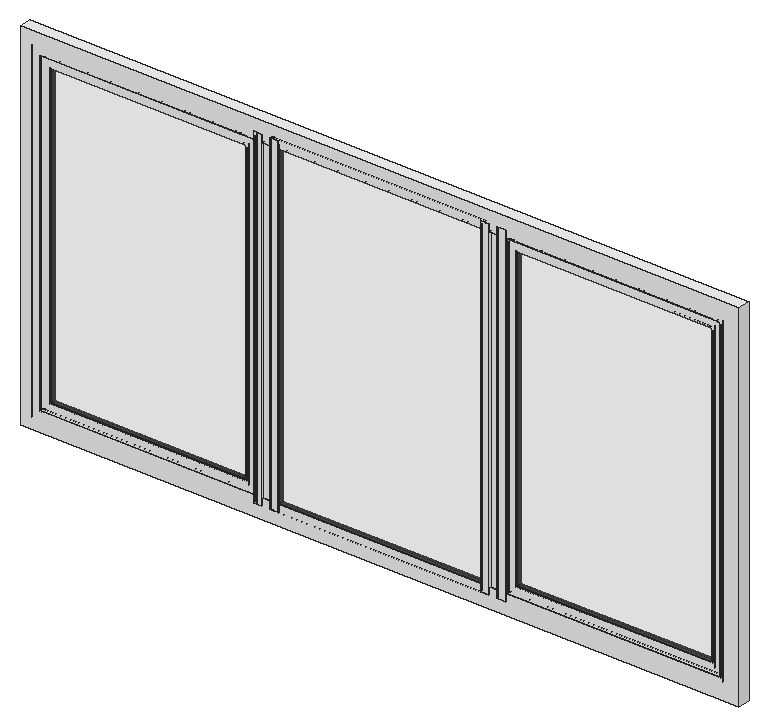
Revit family
Parameters (values of type "SHH1809")
  Height = 890 mm
  Head Height = 2125 mm
  Default Sill Height = Head Height - Height  # 1235 mm
  Wall Closure = (empty or 0)
  Width = 1790 mm
Types (7, lengths in mm): name | Height | Default Sill Height | Width
  (no name) | 890 | 1235 | 1790
  SHH1812 | 1190 | 935 | 1790
  SHH1809 | 890 | 1235 | 1790
  SHH2409 | 890 | 1235 | 2390
  SHH2109 | 890 | 1235 | 2090
  SHH2112 | 1190 | 935 | 2090
  SHH2412 | 1190 | 935 | 2390
Reference planes
  plane 1 "Center (Front/Back)": y = 0
  plane 2 "Center (Left/Right)": x = 0
  plane 3 "Left": x = -895
  plane 4 "Right": x = 895
  plane 5 "Sill": z = 1235
  plane 6 "Head": z = 2125
  plane 7 "Exterior": y = 100
  plane 8 "Interior": y = -100
  plane 9: y = -30.5
  plane 10: x = 300
  plane 11: x = -300
  plane 12: z = 1830
  plane 13: z = 1680
Forms (mm)
  Sweep 1, solid, material "Default Frame"
    path origin (0, 100, 0) x (1, 0, 0) y (0, 0, 1)
      loop
        line (895, 2125) -> (-895, 2125) -> (-895, 1235) -> (895, 1235) -> (895, 2125)
    profile origin (0, 100, 2125) x (0, 0, -1) y (0, -1, 0)
      loop
        line (0, 115.25) -> (0, 84.75) -> (30.58, 84.75) -> (30.58, 87.464) -> (28.08, 86.021) -> (28.08, 113.85) -> (39.575, 113.85) -> (39.575, 111.85) -> (46.275, 111.85)
        arc (46.275, 111.85) -> (46.875, 111.25) -> (47.475, 111.85) r 0.6
        line (47.475, 111.85) -> (47.475, 115.25) -> (0, 115.25)
  Sweep 2, solid, material "Default Frame"
    path origin (-2016.584, 100, 1819.513) x (0, 0, -1) y (1, 0, 0)
      loop
        line (553.933, 2325) -> (-274.907, 2325)
    profile origin (308.416, 100, 1680) x (-1, 0, 0) y (0, -1, 0)
      loop
        line (-5.864, 115.25) -> (-5.864, 111.85)
        arc (-5.864, 111.85) -> (-5.264, 111.25) -> (-4.664, 111.85) r 0.6
        line (-4.664, 111.85) -> (2.036, 111.85) -> (2.036, 113.85) -> (13.536, 113.85) -> (13.536, 86.026) -> (11.036, 87.47) -> (11.036, 84.75) -> (39.036, 84.75) -> (39.036, 87.47) -> (36.536, 86.026) -> (36.536, 113.85) -> (48.036, 113.85) -> (48.036, 111.85) -> (54.736, 111.85)
        arc (54.736, 111.85) -> (55.336, 111.25) -> (55.936, 111.85) r 0.6
        line (55.936, 111.85) -> (55.936, 115.25) -> (34.536, 115.25) -> (34.536, 111.07) -> (15.536, 111.07) -> (15.536, 115.25) -> (-5.864, 115.25)
  Extrusion 3, solid, material "Glass"
    sketch origin (0, 0.5, 49.432) x (-1, 0, 0) y (0, 0, -1)
      loop
        line (-322.64, -2019.688) -> (-322.64, -1241.408) -> (-839.12, -1241.408) -> (-839.12, -2019.688) -> (-322.64, -2019.688)
    from 0 to 3
  Sweep 4, solid, material "Rubber seal"
    path origin (61.34, -100, -61.34) x (-1, 0, 0) y (0, 0, 1)
      loop
        line (-244.08, 2147.68) -> (-795, 2147.68) -> (-795, 1335) -> (-244.08, 1335) -> (-244.08, 2147.68)
    profile origin (580.88, -100, 2086.34) x (0, 0, -1) y (0, 1, 0)
      loop
        line (30.038, 104.637) -> (23.669, 104.637) -> (23.669, 100.5) -> (34.175, 100.5) -> (30.038, 104.637)
      loop
        line (34.175, 97.5) -> (23.669, 97.5) -> (23.669, 92.75) -> (30.895, 92.75) -> (34.175, 97.5)
  Sweep 5, solid, material "Default Frame"
    path origin (789.08, -100, -50) x (1, 0, 0) y (0, 0, -1)
      loop
        line (55.92, -2125) -> (55.92, -1334.96) -> (-472.32, -1334.96) -> (-472.32, -2125) -> (55.92, -2125)
    profile origin (580.88, -100, 2075) x (0, 0, 1) y (0, 1, 0)
      loop
        line (-2.36, 95.735) -> (-1.858, 90.997)
        arc (-1.858, 90.997) -> (-1.541, 90.736) -> (-1.26, 91.035) r 0.3
        line (-1.26, 91.035) -> (-1.26, 117.263) -> (-3.26, 116.536) -> (-3.26, 118.735) -> (-4.719, 118.735) -> (-17.687, 105.637) -> (-17.687, 104.637) -> (-5.88, 104.637) -> (-5.88, 105.637) -> (-2.36, 105.637) -> (-2.36, 95.735)
  Sweep 6, solid, material "Default Frame"
    path origin (811.8, -100, -50) x (1, 0, 0) y (0, 0, -1)
      loop
        line (33.2, -2125) -> (33.2, -1335) -> (-495, -1335) -> (-495, -2125) -> (33.2, -2125)
    profile origin (580.9, -100, 2075) x (0, 0, 1) y (0, 1, 0)
      loop
        line (10.425, 88.75) -> (10.425, 91.464) -> (7.92, 90.018) -> (7.92, 117.85) -> (19.42, 117.85) -> (19.42, 115.85) -> (26.12, 115.85)
        arc (26.12, 115.85) -> (26.72, 115.25) -> (27.32, 115.85) r 0.6
        line (27.32, 115.85) -> (27.32, 119.25) -> (-3.26, 119.25) -> (-3.26, 116.536) -> (-0.76, 117.979) -> (-0.76, 90.15) -> (-12.255, 90.15) -> (-12.255, 92.15) -> (-18.955, 92.15)
        arc (-18.955, 92.15) -> (-19.555, 92.75) -> (-20.155, 92.15) r 0.6
        line (-20.155, 92.15) -> (-20.155, 88.75) -> (10.425, 88.75)
  Sweep 7, solid, material "Default Frame"
    path origin (62.14, -108.01, -50) x (-1, 0, 0) y (0, 0, 1)
      loop
        line (357.52, 2170.4) -> (-233.2, 2170.4) -> (-233.2, 1289.6) -> (357.52, 1289.6) -> (357.52, 2170.4)
    profile origin (-0.02, -108.01, 2120.4) x (0, 0, -1) y (0, 1, 0)
      loop
        line (25.06, 99.74) -> (25.06, 109.642) -> (28.58, 109.642) -> (28.58, 108.642) -> (40.387, 108.642) -> (40.387, 109.642) -> (27.419, 122.74) -> (25.96, 122.74) -> (25.96, 120.541) -> (23.96, 121.269) -> (23.96, 95.04)
        arc (23.96, 95.04) -> (24.241, 94.741) -> (24.558, 95.003) r 0.3
        line (24.558, 95.003) -> (25.06, 99.74)
  Extrusion 8, solid, material "Glass"
    sketch origin (378.196, -3.505, 0) x (1, 0, 0) y (0, 0, 1)
      loop
        line (-111.437, 2091.82) -> (-644.996, 2091.82) -> (-644.996, 1268.18) -> (-111.437, 1268.18) -> (-111.437, 2091.82)
    from 0 to 3
  Sweep 9, solid, material "Rubber seal"
    path origin (262.14, -108.01, -50) x (1, 0, 0) y (0, 0, -1)
      loop
        line (33.24, -2170.4) -> (33.24, -1289.6) -> (-557.52, -1289.6) -> (-557.52, -2170.4) -> (33.24, -2170.4)
    profile origin (0, -108.01, 2120.4) x (0, 0, 1) y (0, 1, 0)
      loop
        line (-41.398, 108.642) -> (-45.535, 104.505) -> (-35.029, 104.505) -> (-35.029, 108.642) -> (-41.398, 108.642)
      loop
        line (-45.535, 101.505) -> (-42.255, 96.755) -> (-35.029, 96.755) -> (-35.029, 101.505) -> (-45.535, 101.505)
  Sweep 10, solid, material "Default Frame"
    path origin (2016.584, 100, 1819.513) x (0, 0, -1) y (1, 0, 0)
      loop
        line (553.933, -2325) -> (-274.907, -2325)
    profile origin (-308.416, 100, 1680) x (-1, 0, 0) y (0, -1, 0)
      loop
        line (5.864, 115.25) -> (-15.536, 115.25) -> (-15.536, 111.07) -> (-34.536, 111.07) -> (-34.536, 115.25) -> (-55.936, 115.25) -> (-55.936, 111.85)
        arc (-55.936, 111.85) -> (-55.336, 111.25) -> (-54.736, 111.85) r 0.6
        line (-54.736, 111.85) -> (-48.036, 111.85) -> (-48.036, 113.85) -> (-36.536, 113.85) -> (-36.536, 86.026) -> (-39.036, 87.47) -> (-39.036, 84.75) -> (-11.036, 84.75) -> (-11.036, 87.47) -> (-13.536, 86.026) -> (-13.536, 113.85) -> (-2.036, 113.85) -> (-2.036, 111.85) -> (4.664, 111.85)
        arc (4.664, 111.85) -> (5.264, 111.25) -> (5.864, 111.85) r 0.6
        line (5.864, 111.85) -> (5.864, 115.25)
  Extrusion 11, solid, material "Glass"
    sketch origin (0, 0.5, 49.432) x (1, 0, 0) y (0, 0, 1)
      loop
        line (-322.64, 2019.688) -> (-839.12, 2019.688) -> (-839.12, 1241.408) -> (-322.64, 1241.408) -> (-322.64, 2019.688)
    from 0 to 3
  Sweep 12, solid, material "Rubber seal"
    path origin (-61.34, -100, -61.34) x (1, 0, 0) y (0, 0, -1)
      loop
        line (-244.08, -2147.68) -> (-244.08, -1335) -> (-795, -1335) -> (-795, -2147.68) -> (-244.08, -2147.68)
    profile origin (-580.88, -100, 2086.34) x (0, 0, 1) y (0, 1, 0)
      loop
        line (-30.038, 104.637) -> (-34.175, 100.5) -> (-23.669, 100.5) -> (-23.669, 104.637) -> (-30.038, 104.637)
      loop
        line (-34.175, 97.5) -> (-30.895, 92.75) -> (-23.669, 92.75) -> (-23.669, 97.5) -> (-34.175, 97.5)
  Sweep 13, solid, material "Default Frame"
    path origin (-811.8, -100, -50) x (-1, 0, 0) y (0, 0, 1)
      loop
        line (33.2, 2125) -> (-495, 2125) -> (-495, 1335) -> (33.2, 1335) -> (33.2, 2125)
    profile origin (-580.9, -100, 2075) x (0, 0, -1) y (0, 1, 0)
      loop
        line (-10.425, 88.75) -> (20.155, 88.75) -> (20.155, 92.15)
        arc (20.155, 92.15) -> (19.555, 92.75) -> (18.955, 92.15) r 0.6
        line (18.955, 92.15) -> (12.255, 92.15) -> (12.255, 90.15) -> (0.76, 90.15) -> (0.76, 117.979) -> (3.26, 116.536) -> (3.26, 119.25) -> (-27.32, 119.25) -> (-27.32, 115.85)
        arc (-27.32, 115.85) -> (-26.72, 115.25) -> (-26.12, 115.85) r 0.6
        line (-26.12, 115.85) -> (-19.42, 115.85) -> (-19.42, 117.85) -> (-7.92, 117.85) -> (-7.92, 90.018) -> (-10.425, 91.464) -> (-10.425, 88.75)
  Sweep 14, solid, material "Default Frame"
    path origin (-789.08, -100, -50) x (-1, 0, 0) y (0, 0, 1)
      loop
        line (55.92, 2125) -> (-472.32, 2125) -> (-472.32, 1334.96) -> (55.92, 1334.96) -> (55.92, 2125)
    profile origin (-580.88, -100, 2075) x (0, 0, -1) y (0, 1, 0)
      loop
        line (2.36, 95.735) -> (2.36, 105.637) -> (5.88, 105.637) -> (5.88, 104.637) -> (17.687, 104.637) -> (17.687, 105.637) -> (4.719, 118.735) -> (3.26, 118.735) -> (3.26, 116.536) -> (1.26, 117.263) -> (1.26, 91.035)
        arc (1.26, 91.035) -> (1.541, 90.736) -> (1.858, 90.997) r 0.3
        line (1.858, 90.997) -> (2.36, 95.735)
Lines and regions (mm)
  Opening 1
    outline origin (3500, -100, 0) x (1, 0, 0) y (0, 0, 1)
      loop
        line (-2605, 1235) -> (-2605, 2125) -> (-4395, 2125) -> (-4395, 1235) -> (-2605, 1235)
  symbolic lines, style "Elevation Swing"
    curve 1: line (872.32, 19.25, 2102.32) -> (289.48, 19.25, 1680)
    curve 2: line (872.355, 19.25, 1257.645) -> (289.48, 19.25, 1680)
    curve 3: line (-872.32, 19.25, 2102.32) -> (-289.48, 19.25, 1680)
    curve 4: line (-872.32, 19.25, 1257.679) -> (-289.48, 19.25, 1680)
Text (mm)
  text "EXTERIOR" at (-1963.203, 1332.353, 0), in view "Ref. Level"
  text "INTERIOR" at (-1981.466, -818.386, 0), in view "Ref. Level"
  text "Exterior" at (0, 923.751, 2943.296), in view "Right"
  text "Exterior" at (0, 1040.484, 2685.409), in view "Left"
Dimensions and locks
  equal spacing: plane 3 "Left", plane 2 "Center (Left/Right)", plane 4 "Right"
  "Width": plane 3 "Left" to plane 4 "Right"
  "Height": plane 5 "Sill" to plane 6 "Head"
  "Default Sill Height": plane 5 "Sill" to level
  locked: plane 7 "Exterior" to host wall at 0
  locked: plane 8 "Interior" to host wall
  plane 3 "Left" to plane 4 "Right" = 1790 mm
  Sweep 6 to Sweep 5 sketch curve = 27.32 mm
  locked: plane 10 to plane 4 "Right" at 595
  locked: plane 3 "Left" to plane 11 at 595
  Sweep 4 sketch curve to Sweep 6 = 15.98 mm
  Sweep 6 to Sweep 4 sketch curve = 15.94 mm
  plane 10 to Extrusion 3 = 22.64 mm
  plane 11 to Extrusion 8 = 33.2 mm
  Extrusion 8 to plane 10 = 33.24 mm
  equal spacing: plane 5 "Sill", plane 13, plane 6 "Head"
  locked: Sweep 6 to Sweep 5 sketch curve at 3.3
  locked: Sweep 5 sketch curve to Sweep 6 at 3.3
  Sweep 13 to Sweep 12 sketch curve = 15.98 mm
  Sweep 13 to Sweep 12 sketch curve = 15.94 mm
  Sweep 10 to Sweep 7 sketch curve = 26 mm
  Sweep 10 to Sweep 9 sketch curve = 26 mm
  aligned and locked: plane 13 to curve 1
  aligned and locked: Sweep 7 to Extrusion 8
  aligned and locked: plane 13 to curve 4
  aligned and locked: Sweep 13 to curve 3
  aligned and locked: curve 4 to Sweep 13
  aligned and locked: Sweep 13 to curve 4
Automatic sketch dimensions
  Opening 1 sketch curve to plane 3 "Left" = 0 mm
  Opening 1 sketch curve to plane 4 "Right" = 0 mm
  Opening 1 sketch curve to plane 5 "Sill" = 0 mm
  Opening 1 sketch curve to plane 6 "Head" = 0 mm
  Sweep 1 sketch curve to plane 3 "Left" = 0 mm
  Sweep 1 sketch curve to plane 4 "Right" = 0 mm
  Sweep 1 sketch curve to plane 5 "Sill" = 0 mm
  Sweep 1 sketch curve to plane 6 "Head" = 0 mm
  Sweep 1 sketch curve to profile plane = 0 mm
  Sweep 1 sketch curve to profile plane = 28.08 mm
  Sweep 1 sketch curve to Sweep 1 sketch curve = 2.5 mm
  Sweep 1 sketch curve to Sweep 1 sketch curve = 11.495 mm
  Sweep 1 sketch curve to Sweep 1 sketch curve = 6.7 mm
  Sweep 1 sketch curve to Sweep 1 sketch curve = 0.6 mm
  profile plane to Sweep 1 sketch curve = 84.75 mm
  Sweep 1 sketch curve to Sweep 1 sketch curve = 1.271 mm
  Sweep 1 sketch curve to Sweep 1 sketch curve = 2.714 mm
  Sweep 1 sketch curve to Sweep 1 sketch curve = 24.386 mm
  Sweep 1 sketch curve to Sweep 1 sketch curve = 2 mm
  Sweep 1 sketch curve to Sweep 1 sketch curve = 3.4 mm
  plane 10 to Sweep 2 sketch curve = 8.416 mm
  plane 6 "Head" to Sweep 2 sketch curve = 30.58 mm
  Sweep 2 sketch curve to plane 5 "Sill" = 30.58 mm
  profile plane to Sweep 2 sketch curve = 5.864 mm
  Sweep 2 sketch curve to Sweep 2 sketch curve = 0.6 mm  (x2)
  Sweep 2 sketch curve to profile plane = 2.036 mm
  Sweep 2 sketch curve to profile plane = 11.036 mm
  Sweep 2 sketch curve to Sweep 2 sketch curve = 2.5 mm  (x2)
  Sweep 2 sketch curve to Sweep 2 sketch curve = 2 mm  (x4)
  Sweep 2 sketch curve to Sweep 2 sketch curve = 19 mm
  Sweep 2 sketch curve to Sweep 2 sketch curve = 11.5 mm
  Sweep 2 sketch curve to Sweep 2 sketch curve = 6.7 mm
  profile plane to Sweep 2 sketch curve = 84.75 mm
  Sweep 2 sketch curve to Sweep 2 sketch curve = 1.276 mm  (x2)
  Sweep 2 sketch curve to Sweep 2 sketch curve = 2.72 mm  (x2)
  Sweep 2 sketch curve to Sweep 2 sketch curve = 23.6 mm
  Sweep 2 sketch curve to Sweep 2 sketch curve = 0.78 mm  (x2)
  Sweep 2 sketch curve to Sweep 2 sketch curve = 3.4 mm  (x2)
  plane 4 "Right" to Extrusion 3 sketch curve = 55.88 mm
  plane 10 to Extrusion 3 sketch curve = 22.64 mm
  plane 6 "Head" to Extrusion 3 sketch curve = 55.88 mm
  Extrusion 3 sketch curve to plane 5 "Sill" = 55.84 mm
  plane 4 "Right" to Sweep 4 sketch curve = 38.66 mm
  Sweep 4 sketch curve to plane 5 "Sill" = 38.66 mm
  Sweep 4 sketch curve to profile plane = 23.669 mm
  Sweep 4 sketch curve to Sweep 4 sketch curve = 0 mm  (x2)
  Sweep 4 sketch curve to Sweep 4 sketch curve = 6.37 mm
  Sweep 4 sketch curve to Sweep 4 sketch curve = 7.226 mm
  Sweep 4 sketch curve to Sweep 4 sketch curve = 4.137 mm  (x2)
  profile plane to Sweep 4 sketch curve = 92.75 mm
  Sweep 4 sketch curve to Sweep 4 sketch curve = 4.75 mm
  Sweep 4 sketch curve to Sweep 4 sketch curve = 3 mm
  plane 6 "Head" to Sweep 5 sketch curve = 50 mm
  profile plane to Sweep 5 sketch curve = 17.687 mm
  profile plane to Sweep 5 sketch curve = 5.88 mm
  profile plane to Sweep 5 sketch curve = 4.719 mm
  Sweep 5 sketch curve to Sweep 5 sketch curve = 1.459 mm
  profile plane to Sweep 5 sketch curve = 2.36 mm
  profile plane to Sweep 5 sketch curve = 1.858 mm
  Sweep 5 sketch curve to Sweep 5 sketch curve = 0.298 mm
  Sweep 5 sketch curve to Sweep 5 sketch curve = 0.3 mm
  profile plane to Sweep 5 sketch curve = 90.997 mm
  Sweep 5 sketch curve to Sweep 5 sketch curve = 4.738 mm
  Sweep 5 sketch curve to Sweep 5 sketch curve = 8.902 mm
  Sweep 5 sketch curve to Sweep 5 sketch curve = 1 mm  (x2)
  Sweep 5 sketch curve to Sweep 5 sketch curve = 10.899 mm
  Sweep 5 sketch curve to Sweep 5 sketch curve = 0.728 mm
  Sweep 5 sketch curve to Sweep 5 sketch curve = 2.2 mm
  plane 10 to Sweep 6 sketch curve = 16.8 mm
  plane 4 "Right" to Sweep 6 sketch curve = 50 mm
  plane 6 "Head" to Sweep 6 sketch curve = 50 mm
  Sweep 6 sketch curve to plane 5 "Sill" = 50 mm
  profile plane to Sweep 6 sketch curve = 20.155 mm
  Sweep 6 sketch curve to Sweep 6 sketch curve = 0.6 mm  (x2)
  Sweep 6 sketch curve to Sweep 6 sketch curve = 6.7 mm  (x2)
  profile plane to Sweep 6 sketch curve = 3.26 mm
  profile plane to Sweep 6 sketch curve = 0.76 mm
  Sweep 6 sketch curve to profile plane = 7.92 mm
  Sweep 6 sketch curve to Sweep 6 sketch curve = 2.505 mm
  Sweep 6 sketch curve to Sweep 6 sketch curve = 11.5 mm
  profile plane to Sweep 6 sketch curve = 88.75 mm
  Sweep 6 sketch curve to Sweep 6 sketch curve = 1.268 mm
  Sweep 6 sketch curve to Sweep 6 sketch curve = 1.4 mm
  Sweep 6 sketch curve to Sweep 6 sketch curve = 2.714 mm  (x2)
  Sweep 6 sketch curve to Sweep 6 sketch curve = 3.4 mm
  Sweep 6 sketch curve to Sweep 6 sketch curve = 24.386 mm
  Sweep 6 sketch curve to Sweep 6 sketch curve = 0.686 mm
  Sweep 6 sketch curve to Sweep 6 sketch curve = 2 mm
  Sweep 6 sketch curve to Sweep 6 sketch curve = 1.443 mm
  curve 1 to Sweep 6 = 0 mm  (x2)
  curve 2 to Sweep 6 = 0 mm
  curve 3 to Sweep 6 = 0 mm
  curve 2 to Sweep 6 = 0.035 mm  (x2)
  curve 4 to Sweep 6 = 0.001 mm
  Sweep 7 sketch curve to plane 10 = 4.66 mm
  Sweep 7 sketch curve to plane 5 "Sill" = 4.6 mm
  plane 6 "Head" to Sweep 7 sketch curve = 4.6 mm
  Sweep 7 sketch curve to profile plane = 23.96 mm
  Sweep 7 sketch curve to Sweep 7 sketch curve = 0.3 mm
  Sweep 7 sketch curve to Sweep 7 sketch curve = 0.298 mm
  Sweep 7 sketch curve to Sweep 7 sketch curve = 0.502 mm
  Sweep 7 sketch curve to Sweep 7 sketch curve = 2 mm
  Sweep 7 sketch curve to Sweep 7 sketch curve = 1.459 mm
  Sweep 7 sketch curve to Sweep 7 sketch curve = 3.52 mm
  Sweep 7 sketch curve to Sweep 7 sketch curve = 11.806 mm
  profile plane to Sweep 7 sketch curve = 95.003 mm
  Sweep 7 sketch curve to Sweep 7 sketch curve = 4.738 mm
  Sweep 7 sketch curve to Sweep 7 sketch curve = 8.902 mm
  Sweep 7 sketch curve to Sweep 7 sketch curve = 1 mm  (x2)
  Sweep 7 sketch curve to Sweep 7 sketch curve = 10.899 mm
  Sweep 7 sketch curve to Sweep 7 sketch curve = 0.728 mm
  Sweep 7 sketch curve to Sweep 7 sketch curve = 2.2 mm
  Extrusion 8 sketch curve to plane 11 = 33.2 mm
  Extrusion 8 sketch curve to plane 10 = 33.24 mm
  Extrusion 8 sketch curve to plane 5 "Sill" = 33.18 mm
  plane 6 "Head" to Extrusion 8 sketch curve = 33.18 mm
  Sweep 9 sketch curve to plane 10 = 4.62 mm
  plane 6 "Head" to Sweep 9 sketch curve = 4.6 mm
  Sweep 9 sketch curve to plane 5 "Sill" = 4.6 mm
  profile plane to Sweep 9 sketch curve = 45.535 mm
  Sweep 9 sketch curve to Sweep 9 sketch curve = 0 mm
  Sweep 9 sketch curve to Sweep 9 sketch curve = 3.28 mm
  Sweep 9 sketch curve to Sweep 9 sketch curve = 4.137 mm  (x2)
  Sweep 9 sketch curve to Sweep 9 sketch curve = 6.37 mm
  Sweep 9 sketch curve to Sweep 9 sketch curve = 7.226 mm
  profile plane to Sweep 9 sketch curve = 96.755 mm
  Sweep 9 sketch curve to Sweep 9 sketch curve = 4.75 mm
  Sweep 9 sketch curve to Sweep 9 sketch curve = 3 mm
  plane 11 to Sweep 10 sketch curve = 8.416 mm
  plane 6 "Head" to Sweep 10 sketch curve = 30.58 mm
  Sweep 10 sketch curve to plane 5 "Sill" = 30.58 mm
  profile plane to Sweep 10 sketch curve = 55.936 mm
  Sweep 10 sketch curve to Sweep 10 sketch curve = 0.6 mm  (x2)
  Sweep 10 sketch curve to Sweep 10 sketch curve = 6.7 mm
  Sweep 10 sketch curve to Sweep 10 sketch curve = 9 mm
  Sweep 10 sketch curve to Sweep 10 sketch curve = 11.5 mm
  Sweep 10 sketch curve to Sweep 10 sketch curve = 2 mm  (x3)
  profile plane to Sweep 10 sketch curve = 15.536 mm
  profile plane to Sweep 10 sketch curve = 13.536 mm
  Sweep 10 sketch curve to Sweep 10 sketch curve = 2.5 mm
  profile plane to Sweep 10 sketch curve = 2.036 mm
  Sweep 10 sketch curve to profile plane = 4.664 mm
  profile plane to Sweep 10 sketch curve = 84.75 mm
  Sweep 10 sketch curve to Sweep 10 sketch curve = 1.276 mm  (x2)
  Sweep 10 sketch curve to Sweep 10 sketch curve = 2.72 mm  (x2)
  Sweep 10 sketch curve to Sweep 10 sketch curve = 23.6 mm
  Sweep 10 sketch curve to Sweep 10 sketch curve = 0.78 mm  (x2)
  Sweep 10 sketch curve to Sweep 10 sketch curve = 3.4 mm  (x2)
  Extrusion 11 sketch curve to plane 3 "Left" = 55.88 mm
  plane 11 to Extrusion 11 sketch curve = 22.64 mm
  Extrusion 11 sketch curve to plane 5 "Sill" = 55.84 mm
  plane 6 "Head" to Extrusion 11 sketch curve = 55.88 mm
  Sweep 12 sketch curve to plane 3 "Left" = 38.66 mm
  Sweep 12 sketch curve to plane 5 "Sill" = 38.66 mm
  profile plane to Sweep 12 sketch curve = 34.175 mm
  Sweep 12 sketch curve to Sweep 12 sketch curve = 0 mm
  Sweep 12 sketch curve to Sweep 12 sketch curve = 3.28 mm
  Sweep 12 sketch curve to Sweep 12 sketch curve = 4.137 mm  (x2)
  Sweep 12 sketch curve to Sweep 12 sketch curve = 6.37 mm
  Sweep 12 sketch curve to Sweep 12 sketch curve = 7.226 mm
  profile plane to Sweep 12 sketch curve = 92.75 mm
  Sweep 12 sketch curve to Sweep 12 sketch curve = 4.75 mm
  Sweep 12 sketch curve to Sweep 12 sketch curve = 3 mm
  plane 11 to Sweep 13 sketch curve = 16.8 mm
  Sweep 13 sketch curve to plane 3 "Left" = 50 mm
  Sweep 13 sketch curve to plane 5 "Sill" = 50 mm
  plane 6 "Head" to Sweep 13 sketch curve = 50 mm
  profile plane to Sweep 13 sketch curve = 27.32 mm
  Sweep 13 sketch curve to Sweep 13 sketch curve = 0.6 mm  (x2)
  Sweep 13 sketch curve to Sweep 13 sketch curve = 6.7 mm  (x2)
  profile plane to Sweep 13 sketch curve = 10.425 mm
  Sweep 13 sketch curve to Sweep 13 sketch curve = 2.505 mm
  Sweep 13 sketch curve to profile plane = 0.76 mm
  Sweep 13 sketch curve to Sweep 13 sketch curve = 2.5 mm
  Sweep 13 sketch curve to Sweep 13 sketch curve = 11.495 mm
  profile plane to Sweep 13 sketch curve = 88.75 mm
  Sweep 13 sketch curve to Sweep 13 sketch curve = 1.268 mm
  Sweep 13 sketch curve to Sweep 13 sketch curve = 1.4 mm
  Sweep 13 sketch curve to Sweep 13 sketch curve = 2.714 mm  (x2)
  Sweep 13 sketch curve to Sweep 13 sketch curve = 3.4 mm
  Sweep 13 sketch curve to Sweep 13 sketch curve = 24.386 mm
  Sweep 13 sketch curve to Sweep 13 sketch curve = 0.686 mm
  Sweep 13 sketch curve to Sweep 13 sketch curve = 2 mm
  Sweep 13 sketch curve to Sweep 13 sketch curve = 1.443 mm
  plane 11 to Sweep 14 sketch curve = 16.76 mm
  Sweep 14 sketch curve to plane 3 "Left" = 50 mm
  Sweep 14 sketch curve to plane 5 "Sill" = 49.96 mm
  plane 6 "Head" to Sweep 14 sketch curve = 50 mm
  Sweep 14 sketch curve to profile plane = 1.26 mm
  Sweep 14 sketch curve to Sweep 14 sketch curve = 0.3 mm
  Sweep 14 sketch curve to Sweep 14 sketch curve = 0.298 mm
  Sweep 14 sketch curve to profile plane = 2.36 mm
  Sweep 14 sketch curve to Sweep 14 sketch curve = 2 mm
  Sweep 14 sketch curve to Sweep 14 sketch curve = 1.459 mm
  Sweep 14 sketch curve to Sweep 14 sketch curve = 3.52 mm
  Sweep 14 sketch curve to Sweep 14 sketch curve = 11.806 mm
  profile plane to Sweep 14 sketch curve = 90.997 mm
  Sweep 14 sketch curve to Sweep 14 sketch curve = 4.738 mm
  Sweep 14 sketch curve to Sweep 14 sketch curve = 8.902 mm
  Sweep 14 sketch curve to Sweep 14 sketch curve = 1 mm  (x2)
  Sweep 14 sketch curve to Sweep 14 sketch curve = 10.899 mm
  Sweep 14 sketch curve to Sweep 14 sketch curve = 0.728 mm
  Sweep 14 sketch curve to Sweep 14 sketch curve = 2.2 mm
